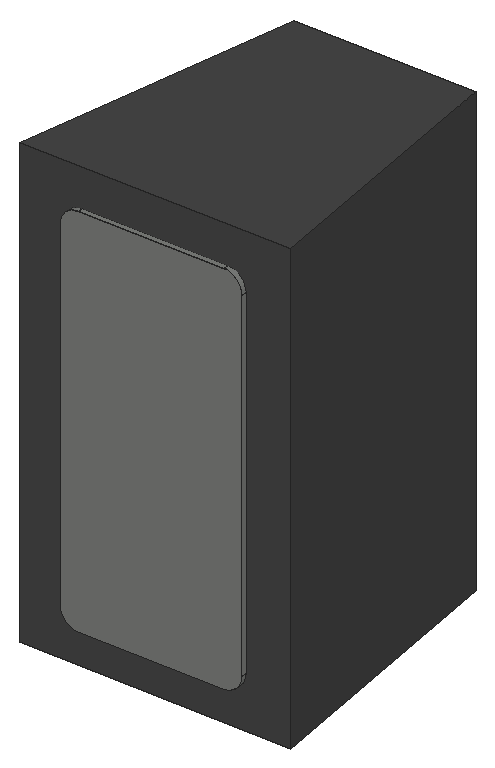
Revit family
Parameters
  폭 = 303 mm
  높이 = 500 mm
  깊이 = 320 mm
  Assembly Code = ""
Reference planes
  plane 1 "Center (Front/Back)": y = 0
  plane 2: z = 0
  plane 3 "Center (Left/Right)": x = 0
  plane 4 "left": x = -151.5
  plane 5 "right": x = 151.5
  plane 6 "front": y = -160
  plane 7 "back": y = 160
  plane 8 "top": z = 500
Forms (mm)
  Extrusion 1, solid, material "몸통"
    sketch origin (0, 0, 0) x (1, 0, 0) y (0, 1, 0)
      loop
        line (-101.5, 160) -> (-151.5, -160) -> (151.5, -160) -> (101.5, 160) -> (-101.5, 160)
    from 0 to 500
  Extrusion 2, solid, material "스피커"
    sketch origin (0, 0, 0) x (1, 0, 0) y (0, 0, 1)
      loop
        arc (-81.5, 458.73) -> (-95.642, 452.872) -> (-101.5, 438.73) r 20
        line (-101.5, 438.73) -> (-101.5, 56.862)
        arc (-101.5, 56.862) -> (-95.642, 42.72) -> (-81.5, 36.862) r 20
        line (-81.5, 36.862) -> (81.5, 36.862)
        arc (81.5, 36.862) -> (95.642, 42.72) -> (101.5, 56.862) r 20
        line (101.5, 56.862) -> (101.5, 438.73)
        arc (101.5, 438.73) -> (95.642, 452.872) -> (81.5, 458.73) r 20
        line (81.5, 458.73) -> (-81.5, 458.73)
    from 160 to 166.027
Dimensions and locks
  "깊이": plane 6 "front" to plane 7 "back"
  equal spacing: plane 6 "front", plane 1 "Center (Front/Back)", plane 7 "back"
  "높이": plane 8 "top" to level
  "폭": plane 4 "left" to plane 5 "right"
  equal spacing: plane 4 "left", plane 3 "Center (Left/Right)", plane 5 "right"
  aligned and locked: plane 8 "top" to Extrusion 1
  aligned and locked: plane 6 "front" to Extrusion 2
Automatic sketch dimensions
  Extrusion 1 sketch curve to plane 4 "left" = 0 mm
  Extrusion 1 sketch curve to plane 7 "back" = 0 mm
  Extrusion 1 sketch curve to plane 5 "right" = 0 mm
  Extrusion 1 sketch curve to plane 6 "front" = 0 mm
  plane 4 "left" to Extrusion 1 sketch curve = 50 mm
  Extrusion 1 sketch curve to plane 5 "right" = 50 mm
  Extrusion 2 sketch curve to Extrusion 2 sketch curve = 20 mm  (x4)
  Extrusion 2 sketch curve to plane 5 "right" = 70 mm
  level to Extrusion 2 sketch curve = 56.862 mm
  Extrusion 2 sketch curve to plane 8 "top" = 61.27 mm
  plane 4 "left" to Extrusion 2 sketch curve = 50 mm
